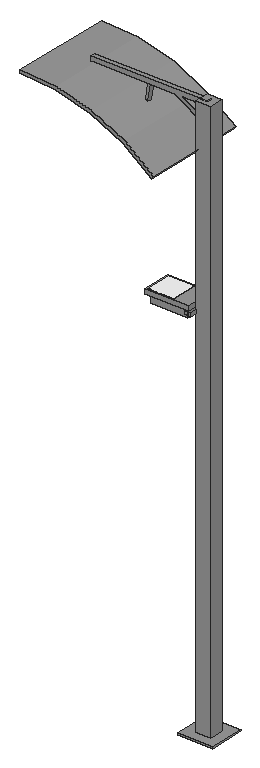
Revit family "svetilnik_alfresco_solyaris-3", category Осветительные приборы, Revit 2016
Family settings
  Тип детали = Нормальный
  Размер круглого соединителя = Использовать диаметр
  На основе рабочей плоскости = Нет
  Всегда вертикально = Да
  При загрузке вырезать с полостями = Нет
  Источник света = Нет
  Общий = Нет
  Точка расчета площади = Нет
Parameters (values of type "Солярис-3-1-10 ЧС и прожектор 70Вт")
  Цветовая температура = "4000"  # constant formula
  Тип светильника = Солярис3 : Солярис3-70Вт
  Тип продукции = "Комплект(Опора освещения+ светильник)"  # constant formula
  Тип ПРА = "ЭМПРА"  # constant formula
  Тип КСС = "Sym"  # constant formula
  Тип ИС = "МГЛ-лампа"  # constant formula
  Температура эксплуатации = "-35 +40"  # constant formula
  Солярис 3-2 = no
  Световой поток = 6300 lm
  Разработано = "support@bimlib.ru"  # constant formula
  Watermarked By = ""
  Полная установленная мощность = ADSK_Номинальная мощность / ADSK_Коэффициент мощности  # 72.1649 VA
  Область использования = "Ландшафт, коттедж.поселки,микрорайоны,АЗС, автостоянки"  # constant formula
  Климатическая зона = "УХЛ1"  # constant formula
  Класс пожароопасности = "F (светильники предназначены для установки непосредственно на поверхность из нормально воспламеняемых матеоиалов)"  # constant formula
  Класс Защиты = "1"  # constant formula
  Изготовитель = "ALFRESCO"  # constant formula
  Блок аварийного питания = no
  URL = "http://www.allfresco.ru/item/53"
  IP Class = "IP 54"  # constant formula
  ADSK_Энергоэффективность = 90 lm/W  # constant formula
  ADSK_Ток = ADSK_Номинальная мощность / (ADSK_Коэффициент мощности * ADSK_Напряжение * sqrt(ADSK_Количество фаз числовое))  # 0.231947 A
  ADSK_Размер_Ширина = 700.00 mm
  ADSK_Размер_Длина = 1118.00 mm
  ADSK_Размер_Высота = 3900.00 mm
  ADSK_Примечание [instance] = ""
  ADSK_Полная мощность = ADSK_Номинальная мощность / ADSK_Коэффициент мощности  # 72.1649 VA
  ADSK_Позиция [instance] = ""
  ADSK_Номинальная мощность = 70 W
  ADSK_Напряжение = 220 V
  ADSK_Наименование = "Солярис-3-1 — опора освещения Солярис-3-1-10 ЧС и прожектор 70Вт"
  ADSK_Модель = "Солярис 3-2"  # constant formula
  ADSK_Масса = 59
  ADSK_Коэффициент мощности = 0.97  # constant formula
  ADSK_Количество фаз числовое = 2
  ADSK_Количество фаз = 2
  ADSK_Код изделия = ""
  ADSK_Классификация нагрузок = Освещение
  ADSK_Завод-изготовитель [instance] = "ALFRESCO"
  ADSK_Единица измерения = "шт"  # constant formula
  ADSK_Артикул = "1123000900"
Reference planes
  plane 1 "По центру (Вперед/Назад)": y = 0
  plane 2: z = 0
  plane 3 "По центру (Влево/Вправо)": x = 0
  plane 4: z = 3900
Forms (mm)
  Extrusion 1, solid, material "Сталь, окрашенная, черная", detail levels medium+fine
    sketch origin (0, 0, 0) x (1, 0, 0) y (0, 1, 0)
      loop
        line (-120, 120) -> (-120, -120) -> (120, -120) -> (120, 120) -> (-120, 120)
    from 0 to 10
  Extrusion 2, solid, material "Сталь, окрашенная, черная", detail levels medium+fine
    sketch origin (0, 0, 0) x (1, 0, 0) y (0, 1, 0)
      loop
        line (-50, 50) -> (-50, -50) -> (50, -50) -> (50, 50) -> (-50, 50)
    from 0 to 3900
Lines and regions (mm)
  symbolic lines, style "LightingFixtures"
    curve 1: circle (0, 0, 0) r 250 normal (0, 0, 1)
    curve 2: line (-120, 219.317, 0) -> (-120, -219.317, 0)
    curve 3: line (120, 219.317, 0) -> (120, -219.317, 0)
  model lines, detail levels coarse
    curve 4: line (0, 0, 0) -> (0, 0, 3900)
    curve 6: line (0, 0, 3900) -> (-800, 0, 3900)
    curve 8: arc (-1018, 0, 3881.206) -> (-510.038, 0, 3844.157) -> (-97.101, 0, 3546.026) r 933.638
  model lines, visible <- "Солярис 3-2", detail levels coarse
    curve 5: line (0, 0, 3900) -> (800, 0, 3900)
    curve 7: arc (1018, 0, 3881.206) -> (510.038, 0, 3844.157) -> (97.101, 0, 3546.026) r 933.638
Dimensions and locks
  "ADSK_Размер_Высота": plane 4 to plane 2
  aligned and locked: level to plane 2
  aligned and locked: Extrusion 2 to level
  aligned and locked: Extrusion 1 to level
  aligned and locked: plane 4 to Extrusion 2
  aligned and locked: plane 4 to nested 3
  aligned and locked: plane 3 "По центру (Влево/Вправо)" to nested 3
  aligned and locked: nested 4 to plane 4
  aligned and locked: plane 3 "По центру (Влево/Вправо)" to nested 4
  aligned and locked: nested 4 to plane 1 "По центру (Вперед/Назад)"
  aligned and locked: plane 1 "По центру (Вперед/Назад)" to nested 3
Automatic sketch dimensions
  plane 1 "По центру (Вперед/Назад)" to curve 1 = 0.00 mm
  curve 1 to plane 3 "По центру (Влево/Вправо)" = 0.00 mm
  curve 2 to plane 3 "По центру (Влево/Вправо)" = 120.00 mm
  plane 3 "По центру (Влево/Вправо)" to curve 3 = 120.00 mm
  plane 1 "По центру (Вперед/Назад)" to curve 2 = 219.317 mm
  Extrusion 1 sketch curve to plane 3 "По центру (Влево/Вправо)" = 120.00 mm
  plane 3 "По центру (Влево/Вправо)" to Extrusion 1 sketch curve = 120.00 mm
  plane 1 "По центру (Вперед/Назад)" to Extrusion 1 sketch curve = 120.00 mm
  Extrusion 1 sketch curve to plane 1 "По центру (Вперед/Назад)" = 120.00 mm
  Extrusion 2 sketch curve to plane 3 "По центру (Влево/Вправо)" = 50.00 mm
  plane 3 "По центру (Влево/Вправо)" to Extrusion 2 sketch curve = 50.00 mm
  plane 1 "По центру (Вперед/Назад)" to Extrusion 2 sketch curve = 50.00 mm
  Extrusion 2 sketch curve to plane 1 "По центру (Вперед/Назад)" = 50.00 mm
  curve 6 to plane 4 = 0.00 mm
  curve 6 to plane 3 "По центру (Влево/Вправо)" = 0.00 mm
  curve 4 to level = 0.00 mm
  curve 8 to plane 3 "По центру (Влево/Вправо)" = 829.361 mm
  plane 3 "По центру (Влево/Вправо)" to curve 7 = 829.361 mm
  curve 7 to plane 4 = 933.176 mm
  curve 8 to plane 3 "По центру (Влево/Вправо)" = 97.101 mm
  curve 6 to curve 8 = 702.899 mm
  curve 8 to plane 4 = 18.794 mm
  curve 8 to curve 6 = 218.00 mm
  plane 3 "По центру (Влево/Вправо)" to curve 7 = 97.101 mm
  curve 7 to curve 5 = 702.899 mm
  curve 7 to plane 4 = 18.794 mm
Nested families
  nested 1: "Прожектор" at (210, 0, 2575), visible <- "Солярис 3-2", type "Прожектор", detail levels medium+fine
  nested 2: "Прожектор" at (-210, 0, 2575) x (-1, 0, 0) z (0, 0, 1), type "Прожектор", detail levels medium+fine
  nested 3: "Солярис3" at (0, 0, 3900), type <- "Тип светильника", visible <- "Солярис 3-2", type "Солярис3-70Вт"
  nested 4: "Солярис3" at (0, 0, 3900) x (-1, 0, 0) z (0, 0, 1), type <- "Тип светильника", type "Солярис3-70Вт"
Connectors
  electrical at (0, 0, 0), driven by "ADSK_Количество фаз", driven by "ADSK_Классификация нагрузок", driven by "ADSK_Напряжение", driven by "Полная установленная мощность", driven by "ADSK_Коэффициент мощности"
    settings: on Extrusion 2, index 1, voltage 220 V, apparent load 72.1649 VA, apparent load phase1 0 VA, apparent load phase2 0 VA, apparent load phase3 0 VA, power factor 0.97, load classification "Освещение", number of poles 2, system type 30, power factor state 1, is connector primary yes, connector utility no, sub classification motor no, connector description ""
Definition of nested family "Прожектор"
  Parameters (values of type "Прожектор")
    Watermarked By = ""
    Type Comments = "﻿﻿            ​ ﻿         ​             ​     ​       ​         ​       ﻿  ​     ​           ​  ​      ​   ​                ​ ​     ﻿                  ﻿  ﻿﻿"
    Keynote = "﻿﻿            ​ ﻿         ​             ​     ​       ​         ​       ﻿  ​     ​           ​  ​      ​   ​                ​ ​     ﻿                  ﻿  ﻿﻿"
    Description = "﻿﻿            ​ ﻿         ​             ​     ​       ​         ​       ﻿  ​     ​           ​  ​      ​   ​                ​ ​     ﻿                  ﻿  ﻿﻿"
    Assembly Code = "﻿﻿            ​ ﻿         ​             ​     ​       ​         ​       ﻿  ​     ​           ​  ​      ​   ​                ​ ​     ﻿                  ﻿  ﻿﻿"
  Reference planes
    plane 1 "По центру (Вперед/Назад)": y = 0
    plane 2: z = 0
    plane 3 "По центру (Влево/Вправо)": x = 0
  Forms (mm)
    Extrusion 1, solid
      sketch origin (0, 0, 0) x (1, 0, 0) y (0, 1, 0)
        loop
          line (-150, 100) -> (-150, -100) -> (150, -100) -> (150, 100) -> (-150, 100)
      from 50 to 80
    Extrusion 2, solid
      sketch origin (0, 0, 80) x (1, 0, 0) y (0, 1, 0)
        loop
          line (140, 90) -> (-40, 90) -> (-40, -90) -> (140, -90) -> (140, 90)
      from 0 to 1
    Extrusion 3, solid
      sketch origin (0, 0, 0) x (1, 0, 0) y (0, 1, 0)
        loop
          line (-140, 90) -> (-140, -90) -> (120, -90) -> (120, 90) -> (-140, 90)
      from 0 to 50
    Sweep 4, solid
      path origin (0, 0, 0) x (1, 0, 0) y (0, 1, 0)
        loop
          line (-120, 92) -> (-160, 92) -> (-160, -92) -> (-120, -92)
      profile origin (-140, 92, 0) x (0, -1, 0) y (0, 0, 1)
        loop
          line (2, 15) -> (2, 35) -> (0, 35) -> (0, 15) -> (2, 15)
  Cuts and joins
    joined: Extrusion 3, Sweep 4
  Dimensions and locks
    aligned and locked: level to plane 2
    aligned and locked: Extrusion 1 to Extrusion 3
Definition of nested family "Солярис3"
  Parameters (values of type "Солярис3-150Вт")
    built-in parameter 1150104 = 13.8 (stored number, unit not read)
    built-in parameter 1150134 = 12
    Photometric Web File = "Солярис-3-150W.ies"
    Tilt Angle = 90.00°
    built-in parameter 1150137 = (empty or 0)
    built-in parameter 1150132 = 2
    built-in parameter 1150114 = 1 (stored number, unit not read)
    Dimming Lamp Color Temperature Shift = (empty or 0)
    built-in parameter 1150105 = 1498.8 (stored number, unit not read)
    Color Filter = 16777215
    Lumens = 13500 lm
    built-in parameter 1150109 = 1 (stored number, unit not read)
    built-in parameter 1150112 = 1 (stored number, unit not read)
    built-in parameter 1150110 = 1 (stored number, unit not read)
    built-in parameter 1150113 = 1 (stored number, unit not read)
    built-in parameter 1150115 = 1 (stored number, unit not read)
    built-in parameter 1114218 = 1 (stored number, unit not read)
    built-in parameter 1114217 = 1 (stored number, unit not read)
    Default Elevation = 1219.20 mm
    built-in parameter 1150106 = 14.988 (stored number, unit not read)
    built-in parameter 1150142 = "IESNA:LM-63-2002\r\n[TEST] -/10.03.12 / АЛ\r\n[TESTLAB] ies2eulumdat.appspot.com\r\n[ISSUEDATE] Wed Mar 22 08:07:34 UTC 2017\r\n[MANUFAC] ALFRESCO\r\n[LUMCAT] -\r\n[LUMINAIRE] Солярис 3\r\n[LAMPCAT] UM 150\r\n[LAMP] UM 150\r\nTILT=NONE\r\n1\t13000\t1\t37\t24\t1\t2\t-1.000\t-1.000\t0\r\n1.0\t1.0\t150.00\r\n0\t 5\t 10\t 15\t 20\t 25\t 30\t 35\t 40\t 45\r\n50\t 55\t 60\t 65\t 70\t 75\t 80\t 85\t 90\t 95\r\n100\t 105\t 110\t 115\t 120\t 125\t 130\t 135\t 140\t 145\r\n150\t 155\t 160\t 165\t 170\t 175\t 180\r\n0\t 15\t 30\t 45\t 60\t 75\t 90\t 105\t 120\t 135\r\n150\t 165\t 180\t 195\t 210\t 225\t 240\t 255\t 270\t 285\r\n300\t 315\t 330\t 345\r\n822.887\t789.945\t812.63\t865.384\t893.074\t899.041\t894.985\t873.496\t849.862\t808.808\r\n755.573\t686.335\t603.499\t513.019\t418.964\t319.891\t221.767\t121.9894\t33.8988\t10.9815\r\n43.2094\t110.0528\t207.207\t338.754\t510.874\t730.743\t402.727\t3.1034\t5.0132\t3.5808\r\n3.3422\t3.8197\t4.7745\t5.9682\t6.6843\t6.923\t6.6843\r\n822.887\t789.594\t801.762\t871.286\t911.118\t929.643\t941.005\t933.621\t921.869\t895.57\r\n854.815\t798.096\t725.218\t643.305\t556.322\t462.176\t369.655\t272.974\t177.684\t87.4055\r\n53.1245\t107.3787\t199.433\t324.233\t488.696\t706.121\t794.976\t67.4167\t4.7904\t2.992\r\n3.2308\t3.9309\t4.8541\t5.7772\t6.923\t6.6843\t6.6843\r\n822.887\t862.719\t883.155\t971.139\t1024.868\t1059.149\t1084.473\t1087.45\t1087.71\t1071.382\r\n1038.752\t988.416\t921.791\t841.035\t753.064\t657.397\t560.742\t457.847\t355.004\t255.541\r\n180.804\t150.93\t219.128\t351.507\t526.968\t760.253\t1046.864\t492.024\t5.1784\t3.2136\r\n3.7094\t4.4622\t5.2152\t6.4455\t7.1802\t7.1802\t6.6843\r\n822.887\t865.189\t910.975\t1002.144\t1065.961\t1111.37\t1145.599\t1158.755\t1170.507\t1163.266\r\n1142.245\t1100.645\t1042.951\t972.322\t891.319\t800.371\t708.656\t607.282\t505.18\t405.73\r\n328.835\t282.373\t269.438\t362.219\t534.664\t764.023\t1049.529\t964.301\t5.6927\t3.7094\r\n3.7094\t4.9581\t5.4539\t6.1885\t7.1802\t7.1802\t6.6843\r\n822.887\t864.825\t932.763\t1032.772\t1100.684\t1150.76\t1191.918\t1211.99\t1230.606\t1232.868\r\n1217.775\t1187.043\t1137.006\t1074.333\t999.739\t912.769\t823.563\t725.426\t625.547\t527.631\r\n450.502\t401.622\t377.936\t398.411\t543.998\t771.407\t1051.687\t1282.203\t89.999\t3.7094\r\n4.4622\t4.4622\t5.1969\t6.1884\t6.6842\t6.6842\t6.6842\r\n822.887\t900.575\t984.906\t1100.333\t1167.179\t1222.455\t1267.448\t1291.355\t1313.39\t1319.63\r\n1309.49\t1283.893\t1238.393\t1178.229\t1104.961\t1017.289\t928.85\t829.881\t729.092\t629.096\r\n550.68\t499.772\t474.838\t478.439\t581.529\t811.369\t1098.019\t1440.4\t193.323\t3.5992\r\n4.1133\t4.6275\t5.1418\t6.4272\t6.6842\t6.6842\t6.6842\r\n822.887\t906.49\t990.301\t1112.163\t1177.462\t1229.904\t1275.664\t1299.831\t1326\t1332.63\r\n1326\t1301.82\t1258.192\t1199.055\t1127.074\t1042.236\t955.331\t858.676\t759.954\t659.685\r\n582.049\t531.141\t505.427\t506.974\t588.731\t813.943\t1097.759\t1443.26\t303.875\t3.5992\r\n3.5992\t4.1133\t4.6275\t6.1701\t6.6842\t6.6842\t6.6842\r\n822.887\t900.575\t984.906\t1100.333\t1167.179\t1222.455\t1267.448\t1291.355\t1313.39\t1319.63\r\n1309.49\t1283.893\t1238.393\t1178.229\t1104.961\t1017.289\t928.85\t829.881\t729.092\t629.096\r\n550.68\t499.772\t474.838\t478.439\t581.529\t811.369\t1098.019\t1440.4\t193.323\t3.5992\r\n4.1133\t4.6275\t5.1418\t6.4272\t6.6842\t6.6842\t6.6842\r\n822.887\t864.825\t932.763\t1032.772\t1100.684\t1150.76\t1191.918\t1211.99\t1230.606\t1232.868\r\n1217.775\t1187.043\t1137.006\t1074.333\t999.739\t912.769\t823.563\t725.426\t625.547\t527.631\r\n450.502\t401.622\t377.936\t398.411\t543.998\t771.407\t1051.687\t1282.203\t89.999\t3.7094\r\n4.4622\t4.4622\t5.1969\t6.1884\t6.6842\t6.6842\t6.6842\r\n822.887\t865.189\t910.975\t1002.144\t1065.961\t1111.37\t1145.599\t1158.755\t1170.507\t1163.266\r\n1142.245\t1100.645\t1042.951\t972.322\t891.319\t800.371\t708.656\t607.282\t505.18\t405.73\r\n328.835\t282.373\t269.438\t362.219\t534.664\t764.023\t1049.529\t964.301\t5.6927\t3.7094\r\n3.7094\t4.9581\t5.4539\t6.1885\t7.1802\t7.1802\t6.6843\r\n822.887\t862.719\t883.155\t971.139\t1024.868\t1059.149\t1084.473\t1087.45\t1087.71\t1071.382\r\n1038.752\t988.416\t921.791\t841.035\t753.064\t657.397\t560.742\t457.847\t355.004\t255.541\r\n180.804\t150.93\t219.128\t351.507\t526.968\t760.253\t1046.864\t492.024\t5.1784\t3.2136\r\n3.7094\t4.4622\t5.2152\t6.4455\t7.1802\t7.1802\t6.6843\r\n822.887\t789.594\t801.762\t871.286\t911.118\t929.643\t941.005\t933.621\t921.869\t895.57\r\n854.815\t798.096\t725.218\t643.305\t556.322\t462.176\t369.655\t272.974\t177.684\t87.4055\r\n53.1245\t107.3787\t199.433\t324.233\t488.696\t706.121\t794.976\t67.4167\t4.7904\t2.992\r\n3.2308\t3.9309\t4.8541\t5.7772\t6.923\t6.6843\t6.6843\r\n822.887\t789.945\t812.63\t865.384\t893.074\t899.041\t894.985\t873.496\t849.862\t808.808\r\n755.573\t686.335\t603.499\t513.019\t418.964\t319.891\t221.767\t121.9894\t33.8988\t10.9815\r\n43.2094\t110.0528\t207.207\t338.754\t510.874\t730.743\t402.727\t3.1034\t5.0132\t3.5808\r\n3.3422\t3.8197\t4.7745\t5.9682\t6.6843\t6.923\t6.6843\r\n822.887\t776.815\t795.444\t831.012\t843.661\t837.694\t817.167\t780.403\t741.481\t690.404\r\n626.184\t547.157\t459.55\t365.729\t268.567\t168.298\t71.8575\t8.833\t3.1034\t9.7878\r\n43.4486\t112.2017\t212.459\t346.866\t522.574\t546.208\t53.7134\t2.8647\t4.297\t3.8197\r\n3.1034\t3.8197\t4.7745\t5.9682\t6.9232\t6.6843\t6.6843\r\n822.887\t830.401\t837.343\t854.828\t852.514\t833.235\t798.785\t745.823\t688.493\t620.36\r\n541.437\t449.397\t351.442\t247.832\t140.881\t40.6198\t3.3422\t3.3422\t3.3422\t10.7979\r\n48.3327\t124.4334\t234.975\t381.784\t557.635\t262.223\t7.9699\t3.085\t4.1135\t4.3706\r\n3.3422\t3.8563\t5.1418\t6.4273\t6.9415\t7.1986\t6.6843\r\n822.887\t825.786\t821.405\t819.871\t801.619\t767.676\t721.656\t660.985\t594.659\t515.983\r\n428.051\t332.163\t231.374\t126.7474\t29.822\t3.3422\t3.3422\t2.828\t3.085\t10.5408\r\n49.1049\t127.0035\t238.836\t386.659\t386.412\t42.1629\t7.9699\t3.085\t3.8563\t4.1135\r\n3.085\t3.8563\t5.1419\t6.1702\t7.1986\t7.1986\t6.6843\r\n822.887\t855.543\t840.84\t823.602\t790.413\t742.313\t682.071\t610.337\t534.3\t449.176\r\n355.238\t254.02\t149.071\t43.9842\t3.4922\t2.9566\t2.4209\t2.4209\t2.678\t9.341\r\n47.0262\t130.143\t249.717\t402.298\t214.136\t9.3625\t8.0556\t3.235\t3.5135\t3.7279\r\n3.2136\t3.7492\t5.099\t6.4273\t7.4985\t7.4985\t6.6845\r\n822.887\t850.889\t829.582\t803.933\t760.266\t703.443\t634.595\t556.907\t476.008\t387.088\r\n292.526\t192.621\t90.0471\t8.5055\t3.2136\t2.3995\t2.1424\t1.8639\t2.1424\t4.5419\r\n21.1237\t69.2432\t174.135\t327.015\t103.8011\t9.1055\t9.1055\t3.2136\t3.7492\t3.235\r\n3.2136\t3.7492\t5.0775\t6.4273\t7.4985\t7.4985\t6.6845\r\n822.887\t883.454\t859.508\t829.426\t780.403\t716.352\t642.824\t559.819\t473.473\t381.004\r\n281.853\t179.361\t74.0857\t3.8992\t3.3422\t2.2281\t2.2281\t1.671\t1.671\t2.2281\r\n3.3422\t6.6845\t16.1538\t39.5486\t4.4563\t8.3555\t8.9125\t3.3422\t3.8992\t2.7851\r\n3.3422\t3.8992\t5.0133\t6.6845\t7.7984\t7.7984\t6.6845\r\n822.887\t850.889\t829.582\t803.933\t760.266\t703.443\t634.595\t556.907\t476.008\t387.088\r\n292.526\t192.621\t90.0471\t8.5055\t3.2136\t2.3995\t2.1424\t1.8639\t2.1424\t4.5419\r\n21.1237\t69.2432\t174.135\t327.015\t103.8011\t9.1055\t9.1055\t3.2136\t3.7492\t3.235\r\n3.2136\t3.7492\t5.0775\t6.4273\t7.4985\t7.4985\t6.6845\r\n822.887\t855.543\t840.84\t823.602\t790.413\t742.313\t682.071\t610.337\t534.3\t449.176\r\n355.238\t254.02\t149.071\t43.9842\t3.4922\t2.9566\t2.4209\t2.4209\t2.678\t9.341\r\n47.0262\t130.143\t249.717\t402.298\t214.136\t9.3625\t8.0556\t3.235\t3.5135\t3.7279\r\n3.2136\t3.7492\t5.099\t6.4273\t7.4985\t7.4985\t6.6845\r\n822.887\t825.786\t821.405\t819.871\t801.619\t767.676\t721.656\t660.985\t594.659\t515.983\r\n428.051\t332.163\t231.374\t126.7474\t29.822\t3.3422\t3.3422\t2.828\t3.085\t10.5408\r\n49.1049\t127.0035\t238.836\t386.659\t386.412\t42.1629\t7.9699\t3.085\t3.8563\t4.1135\r\n3.085\t3.8563\t5.1419\t6.1702\t7.1986\t7.1986\t6.6843\r\n822.887\t830.401\t837.343\t854.828\t852.514\t833.235\t798.785\t745.823\t688.493\t620.36\r\n541.437\t449.397\t351.442\t247.832\t140.881\t40.6198\t3.3422\t3.3422\t3.3422\t10.7979\r\n48.3327\t124.4334\t234.975\t381.784\t557.635\t262.223\t7.9699\t3.085\t4.1135\t4.3706\r\n3.3422\t3.8563\t5.1418\t6.4273\t6.9415\t7.1986\t6.6843\r\n822.887\t776.815\t795.444\t831.012\t843.661\t837.694\t817.167\t780.403\t741.481\t690.404\r\n626.184\t547.157\t459.55\t365.729\t268.567\t168.298\t71.8575\t8.833\t3.1034\t9.7878\r\n43.4486\t112.2017\t212.459\t346.866\t522.574\t546.208\t53.7134\t2.8647\t4.297\t3.8197\r\n3.1034\t3.8197\t4.7745\t5.9682\t6.9232\t6.6843\t6.6843"
    built-in parameter 1150133 = 10 (stored number, unit not read)
    Wattage = 90.8834 W
    built-in parameter 1150139 = (empty or 0)
    built-in parameter 1150138 = (empty or 0)
    built-in parameter 1150107 = 4000 (stored number, unit not read)
    built-in parameter 1150102 = (empty or 0)
  Types (3, lengths in mm): name | Photometric Web File | built-in parameter 1150105 | Lumens | built-in parameter 1150106 | built-in parameter 1150142 | Wattage
    (no name) | "Солярис-3-150W.ies" | 1498.8 (stored number, unit not read) | 13500 lm | 14.988 (stored number, unit not read) | "IESNA:LM-63-2002\r\n[TEST] -/10.03.12 / АЛ\r\n[TESTLAB] ies2eulumdat.appspot.com\r\n[ISSUEDATE] Wed Mar 22 08:07:34 UTC 2017\r\n[MANUFAC] ALFRESCO\r\n[LUMCAT] -\r\n[LUMINAIRE] Солярис 3\r\n[LAMPCAT] UM 150\r\n[LAMP] UM 150\r\nTILT=NONE\r\n1\t13000\t1\t37\t24\t1\t2\t-1.000\t-1.000\t0\r\n1.0\t1.0\t150.00\r\n0\t 5\t 10\t 15\t 20\t 25\t 30\t 35\t 40\t 45\r\n50\t 55\t 60\t 65\t 70\t 75\t 80\t 85\t 90\t 95\r\n100\t 105\t 110\t 115\t 120\t 125\t 130\t 135\t 140\t 145\r\n150\t 155\t 160\t 165\t 170\t 175\t 180\r\n0\t 15\t 30\t 45\t 60\t 75\t 90\t 105\t 120\t 135\r\n150\t 165\t 180\t 195\t 210\t 225\t 240\t 255\t 270\t 285\r\n300\t 315\t 330\t 345\r\n822.887\t789.945\t812.63\t865.384\t893.074\t899.041\t894.985\t873.496\t849.862\t808.808\r\n755.573\t686.335\t603.499\t513.019\t418.964\t319.891\t221.767\t121.9894\t33.8988\t10.9815\r\n43.2094\t110.0528\t207.207\t338.754\t510.874\t730.743\t402.727\t3.1034\t5.0132\t3.5808\r\n3.3422\t3.8197\t4.7745\t5.9682\t6.6843\t6.923\t6.6843\r\n822.887\t789.594\t801.762\t871.286\t911.118\t929.643\t941.005\t933.621\t921.869\t895.57\r\n854.815\t798.096\t725.218\t643.305\t556.322\t462.176\t369.655\t272.974\t177.684\t87.4055\r\n53.1245\t107.3787\t199.433\t324.233\t488.696\t706.121\t794.976\t67.4167\t4.7904\t2.992\r\n3.2308\t3.9309\t4.8541\t5.7772\t6.923\t6.6843\t6.6843\r\n822.887\t862.719\t883.155\t971.139\t1024.868\t1059.149\t1084.473\t1087.45\t1087.71\t1071.382\r\n1038.752\t988.416\t921.791\t841.035\t753.064\t657.397\t560.742\t457.847\t355.004\t255.541\r\n180.804\t150.93\t219.128\t351.507\t526.968\t760.253\t1046.864\t492.024\t5.1784\t3.2136\r\n3.7094\t4.4622\t5.2152\t6.4455\t7.1802\t7.1802\t6.6843\r\n822.887\t865.189\t910.975\t1002.144\t1065.961\t1111.37\t1145.599\t1158.755\t1170.507\t1163.266\r\n1142.245\t1100.645\t1042.951\t972.322\t891.319\t800.371\t708.656\t607.282\t505.18\t405.73\r\n328.835\t282.373\t269.438\t362.219\t534.664\t764.023\t1049.529\t964.301\t5.6927\t3.7094\r\n3.7094\t4.9581\t5.4539\t6.1885\t7.1802\t7.1802\t6.6843\r\n822.887\t864.825\t932.763\t1032.772\t1100.684\t1150.76\t1191.918\t1211.99\t1230.606\t1232.868\r\n1217.775\t1187.043\t1137.006\t1074.333\t999.739\t912.769\t823.563\t725.426\t625.547\t527.631\r\n450.502\t401.622\t377.936\t398.411\t543.998\t771.407\t1051.687\t1282.203\t89.999\t3.7094\r\n4.4622\t4.4622\t5.1969\t6.1884\t6.6842\t6.6842\t6.6842\r\n822.887\t900.575\t984.906\t1100.333\t1167.179\t1222.455\t1267.448\t1291.355\t1313.39\t1319.63\r\n1309.49\t1283.893\t1238.393\t1178.229\t1104.961\t1017.289\t928.85\t829.881\t729.092\t629.096\r\n550.68\t499.772\t474.838\t478.439\t581.529\t811.369\t1098.019\t1440.4\t193.323\t3.5992\r\n4.1133\t4.6275\t5.1418\t6.4272\t6.6842\t6.6842\t6.6842\r\n822.887\t906.49\t990.301\t1112.163\t1177.462\t1229.904\t1275.664\t1299.831\t1326\t1332.63\r\n1326\t1301.82\t1258.192\t1199.055\t1127.074\t1042.236\t955.331\t858.676\t759.954\t659.685\r\n582.049\t531.141\t505.427\t506.974\t588.731\t813.943\t1097.759\t1443.26\t303.875\t3.5992\r\n3.5992\t4.1133\t4.6275\t6.1701\t6.6842\t6.6842\t6.6842\r\n822.887\t900.575\t984.906\t1100.333\t1167.179\t1222.455\t1267.448\t1291.355\t1313.39\t1319.63\r\n1309.49\t1283.893\t1238.393\t1178.229\t1104.961\t1017.289\t928.85\t829.881\t729.092\t629.096\r\n550.68\t499.772\t474.838\t478.439\t581.529\t811.369\t1098.019\t1440.4\t193.323\t3.5992\r\n4.1133\t4.6275\t5.1418\t6.4272\t6.6842\t6.6842\t6.6842\r\n822.887\t864.825\t932.763\t1032.772\t1100.684\t1150.76\t1191.918\t1211.99\t1230.606\t1232.868\r\n1217.775\t1187.043\t1137.006\t1074.333\t999.739\t912.769\t823.563\t725.426\t625.547\t527.631\r\n450.502\t401.622\t377.936\t398.411\t543.998\t771.407\t1051.687\t1282.203\t89.999\t3.7094\r\n4.4622\t4.4622\t5.1969\t6.1884\t6.6842\t6.6842\t6.6842\r\n822.887\t865.189\t910.975\t1002.144\t1065.961\t1111.37\t1145.599\t1158.755\t1170.507\t1163.266\r\n1142.245\t1100.645\t1042.951\t972.322\t891.319\t800.371\t708.656\t607.282\t505.18\t405.73\r\n328.835\t282.373\t269.438\t362.219\t534.664\t764.023\t1049.529\t964.301\t5.6927\t3.7094\r\n3.7094\t4.9581\t5.4539\t6.1885\t7.1802\t7.1802\t6.6843\r\n822.887\t862.719\t883.155\t971.139\t1024.868\t1059.149\t1084.473\t1087.45\t1087.71\t1071.382\r\n1038.752\t988.416\t921.791\t841.035\t753.064\t657.397\t560.742\t457.847\t355.004\t255.541\r\n180.804\t150.93\t219.128\t351.507\t526.968\t760.253\t1046.864\t492.024\t5.1784\t3.2136\r\n3.7094\t4.4622\t5.2152\t6.4455\t7.1802\t7.1802\t6.6843\r\n822.887\t789.594\t801.762\t871.286\t911.118\t929.643\t941.005\t933.621\t921.869\t895.57\r\n854.815\t798.096\t725.218\t643.305\t556.322\t462.176\t369.655\t272.974\t177.684\t87.4055\r\n53.1245\t107.3787\t199.433\t324.233\t488.696\t706.121\t794.976\t67.4167\t4.7904\t2.992\r\n3.2308\t3.9309\t4.8541\t5.7772\t6.923\t6.6843\t6.6843\r\n822.887\t789.945\t812.63\t865.384\t893.074\t899.041\t894.985\t873.496\t849.862\t808.808\r\n755.573\t686.335\t603.499\t513.019\t418.964\t319.891\t221.767\t121.9894\t33.8988\t10.9815\r\n43.2094\t110.0528\t207.207\t338.754\t510.874\t730.743\t402.727\t3.1034\t5.0132\t3.5808\r\n3.3422\t3.8197\t4.7745\t5.9682\t6.6843\t6.923\t6.6843\r\n822.887\t776.815\t795.444\t831.012\t843.661\t837.694\t817.167\t780.403\t741.481\t690.404\r\n626.184\t547.157\t459.55\t365.729\t268.567\t168.298\t71.8575\t8.833\t3.1034\t9.7878\r\n43.4486\t112.2017\t212.459\t346.866\t522.574\t546.208\t53.7134\t2.8647\t4.297\t3.8197\r\n3.1034\t3.8197\t4.7745\t5.9682\t6.9232\t6.6843\t6.6843\r\n822.887\t830.401\t837.343\t854.828\t852.514\t833.235\t798.785\t745.823\t688.493\t620.36\r\n541.437\t449.397\t351.442\t247.832\t140.881\t40.6198\t3.3422\t3.3422\t3.3422\t10.7979\r\n48.3327\t124.4334\t234.975\t381.784\t557.635\t262.223\t7.9699\t3.085\t4.1135\t4.3706\r\n3.3422\t3.8563\t5.1418\t6.4273\t6.9415\t7.1986\t6.6843\r\n822.887\t825.786\t821.405\t819.871\t801.619\t767.676\t721.656\t660.985\t594.659\t515.983\r\n428.051\t332.163\t231.374\t126.7474\t29.822\t3.3422\t3.3422\t2.828\t3.085\t10.5408\r\n49.1049\t127.0035\t238.836\t386.659\t386.412\t42.1629\t7.9699\t3.085\t3.8563\t4.1135\r\n3.085\t3.8563\t5.1419\t6.1702\t7.1986\t7.1986\t6.6843\r\n822.887\t855.543\t840.84\t823.602\t790.413\t742.313\t682.071\t610.337\t534.3\t449.176\r\n355.238\t254.02\t149.071\t43.9842\t3.4922\t2.9566\t2.4209\t2.4209\t2.678\t9.341\r\n47.0262\t130.143\t249.717\t402.298\t214.136\t9.3625\t8.0556\t3.235\t3.5135\t3.7279\r\n3.2136\t3.7492\t5.099\t6.4273\t7.4985\t7.4985\t6.6845\r\n822.887\t850.889\t829.582\t803.933\t760.266\t703.443\t634.595\t556.907\t476.008\t387.088\r\n292.526\t192.621\t90.0471\t8.5055\t3.2136\t2.3995\t2.1424\t1.8639\t2.1424\t4.5419\r\n21.1237\t69.2432\t174.135\t327.015\t103.8011\t9.1055\t9.1055\t3.2136\t3.7492\t3.235\r\n3.2136\t3.7492\t5.0775\t6.4273\t7.4985\t7.4985\t6.6845\r\n822.887\t883.454\t859.508\t829.426\t780.403\t716.352\t642.824\t559.819\t473.473\t381.004\r\n281.853\t179.361\t74.0857\t3.8992\t3.3422\t2.2281\t2.2281\t1.671\t1.671\t2.2281\r\n3.3422\t6.6845\t16.1538\t39.5486\t4.4563\t8.3555\t8.9125\t3.3422\t3.8992\t2.7851\r\n3.3422\t3.8992\t5.0133\t6.6845\t7.7984\t7.7984\t6.6845\r\n822.887\t850.889\t829.582\t803.933\t760.266\t703.443\t634.595\t556.907\t476.008\t387.088\r\n292.526\t192.621\t90.0471\t8.5055\t3.2136\t2.3995\t2.1424\t1.8639\t2.1424\t4.5419\r\n21.1237\t69.2432\t174.135\t327.015\t103.8011\t9.1055\t9.1055\t3.2136\t3.7492\t3.235\r\n3.2136\t3.7492\t5.0775\t6.4273\t7.4985\t7.4985\t6.6845\r\n822.887\t855.543\t840.84\t823.602\t790.413\t742.313\t682.071\t610.337\t534.3\t449.176\r\n355.238\t254.02\t149.071\t43.9842\t3.4922\t2.9566\t2.4209\t2.4209\t2.678\t9.341\r\n47.0262\t130.143\t249.717\t402.298\t214.136\t9.3625\t8.0556\t3.235\t3.5135\t3.7279\r\n3.2136\t3.7492\t5.099\t6.4273\t7.4985\t7.4985\t6.6845\r\n822.887\t825.786\t821.405\t819.871\t801.619\t767.676\t721.656\t660.985\t594.659\t515.983\r\n428.051\t332.163\t231.374\t126.7474\t29.822\t3.3422\t3.3422\t2.828\t3.085\t10.5408\r\n49.1049\t127.0035\t238.836\t386.659\t386.412\t42.1629\t7.9699\t3.085\t3.8563\t4.1135\r\n3.085\t3.8563\t5.1419\t6.1702\t7.1986\t7.1986\t6.6843\r\n822.887\t830.401\t837.343\t854.828\t852.514\t833.235\t798.785\t745.823\t688.493\t620.36\r\n541.437\t449.397\t351.442\t247.832\t140.881\t40.6198\t3.3422\t3.3422\t3.3422\t10.7979\r\n48.3327\t124.4334\t234.975\t381.784\t557.635\t262.223\t7.9699\t3.085\t4.1135\t4.3706\r\n3.3422\t3.8563\t5.1418\t6.4273\t6.9415\t7.1986\t6.6843\r\n822.887\t776.815\t795.444\t831.012\t843.661\t837.694\t817.167\t780.403\t741.481\t690.404\r\n626.184\t547.157\t459.55\t365.729\t268.567\t168.298\t71.8575\t8.833\t3.1034\t9.7878\r\n43.4486\t112.2017\t212.459\t346.866\t522.574\t546.208\t53.7134\t2.8647\t4.297\t3.8197\r\n3.1034\t3.8197\t4.7745\t5.9682\t6.9232\t6.6843\t6.6843" | 90.8834 W
